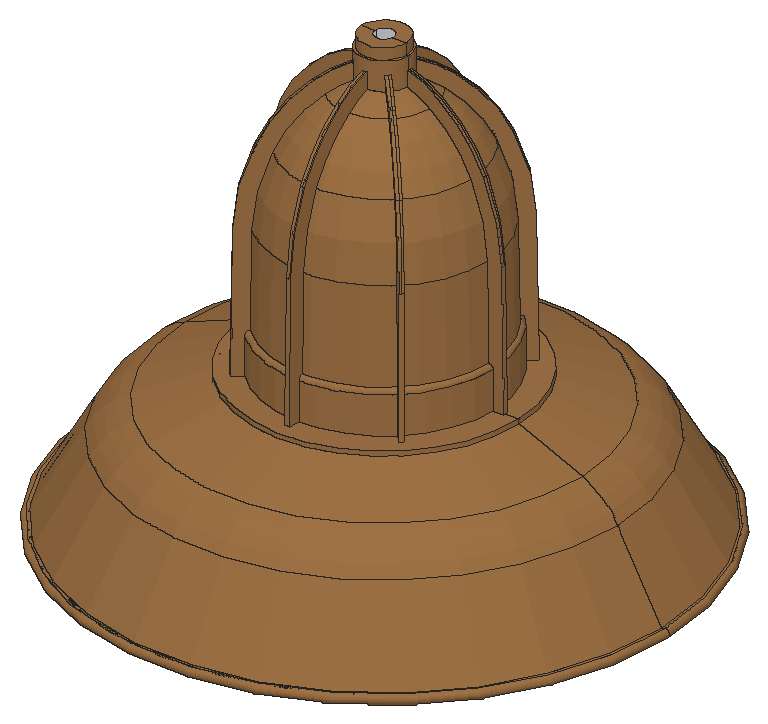
Revit family "URW16 SHADE", category Lighting Fixtures, Revit 2024
Family settings
  Round Connector Dimension = Use Diameter
  Part Type = Normal
  OmniClass Number = 23.80.70.00
  OmniClass Title = Lighting
  Work Plane-Based = No
  Always vertical = Yes
  Cut with Voids When Loaded = No
  Light Source = Yes
  Maintain Annotation Orientation = No
  Shared = No
  Room Calculation Point = No
Parameters
  Wattage = 12.1178 W
  built-in parameter 1150110 = 1 (stored number, unit not read)
  built-in parameter 1114217 = 1 (stored number, unit not read)
  built-in parameter 1150109 = 1 (stored number, unit not read)
  built-in parameter 1150134 = (empty or 0)
  built-in parameter 1150113 = 1 (stored number, unit not read)
  Lumens = 1800 lm
  built-in parameter 1150115 = 1 (stored number, unit not read)
  built-in parameter 1150105 = 572.96 (stored number, unit not read)
  Light Source Symbol Size = 2' - 0"
  built-in parameter 1150137 = (empty or 0)
  built-in parameter 1150139 = (empty or 0)
  built-in parameter 1150112 = 1 (stored number, unit not read)
  built-in parameter 1150114 = 1 (stored number, unit not read)
  built-in parameter 1150132 = 2
  built-in parameter 1150102 = (empty or 0)
  built-in parameter 1150138 = (empty or 0)
  built-in parameter 1150107 = 3000 (stored number, unit not read)
  built-in parameter 1150106 = 5.7296 (stored number, unit not read)
  built-in parameter 1150104 = 13.8 (stored number, unit not read)
  Dimming Lamp Color Temperature Shift = (empty or 0)
  Default Elevation = 0' - 0"
  Color Filter = 16777215
  built-in parameter 1114218 = 1 (stored number, unit not read)
  built-in parameter 1150133 = 10 (stored number, unit not read)
Reference planes (in)
  plane 1 "Light Source Axis (F/B)": y = 0
  plane 2: z = 0
  plane 3 "Light Source Axis (L/R)": x = 0
  plane 4 "Light Source Elevation": z = 54
Forms (in)
  Revolve 1, solid
    sketch origin (0, 0, 0) x (1, 0, 0) y (0, 0, 1)
      loop
        arc (-7.875, 54.25) -> (-7.95402, 54.02814) -> (-7.75255, 54.1501) r 0.125
        line (-7.75255, 54.1501) -> (-6.49637, 56.3411)
        arc (-6.49637, 56.3411) -> (-6.08661, 56.83738) -> (-5.53506, 57.16901) r 1.90625
        line (-5.53506, 57.16901) -> (-3.68625, 57.8898) -> (-3.68625, 57.98512) -> (-3.01237, 57.98512) -> (-3.01237, 59.11107)
        arc (-3.01237, 59.11107) -> (-3.00322, 59.13317) -> (-2.98112, 59.14232) r 0.03125
        line (-2.98112, 59.14232) -> (-2.88878, 59.14232) -> (-2.84897, 61.76167)
        arc (-2.84897, 61.76167) -> (-2.72267, 62.72425) -> (-2.4014, 63.64038) r 4.70236
        arc (-2.4014, 63.64038) -> (-1.92917, 64.38929) -> (-1.27567, 64.98663) r 3.3173
        arc (-1.27567, 64.98663) -> (-0.99538, 65.16184) -> (-0.6925, 65.29425) r 2.25765
        line (-0.6925, 65.29425) -> (-0.6925, 65.18987) -> (-0.25, 65.18987) -> (-0.25, 66.45387) -> (-0.628, 66.45387) -> (-0.628, 66.15387) -> (-0.6925, 66.15387) -> (-0.6925, 65.3934)
        arc (-0.6925, 65.3934) -> (-1.02399, 65.25267) -> (-1.3301, 65.06298) r 2.3514
        arc (-1.3301, 65.06298) -> (-2.00129, 64.4492) -> (-2.48643, 63.67987) r 3.41105
        arc (-2.48643, 63.67987) -> (-2.814, 62.74544) -> (-2.9427, 61.76365) r 4.79611
        line (-2.9427, 61.76365) -> (-2.98112, 59.23607)
        arc (-2.98112, 59.23607) -> (-3.06951, 59.19946) -> (-3.10612, 59.11107) r 0.125
        line (-3.10612, 59.11107) -> (-3.10612, 58.07887) -> (-3.78, 58.07887) -> (-3.78, 57.95387) -> (-5.56911, 57.25636)
        arc (-5.56911, 57.25636) -> (-6.14779, 56.90841) -> (-6.5777, 56.38773) r 2
        line (-6.5777, 56.38773) -> (-7.80333, 54.25) -> (-7.875, 54.25)
      axis (0, 66.45387) -> (0, 54.1501)
    angle from 0 to 360
  Sweep 2, solid
    path origin (0, 0, 0) x (1, 0, 0) y (0, 0, 1)
      loop
        arc (-0.6925, 65.81855) -> (-1.14802, 65.64495) -> (-1.56586, 65.39385) r 2.75765
        arc (-1.56586, 65.39385) -> (-2.31377, 64.70881) -> (-2.85488, 63.85099) r 3.8173
        arc (-2.85488, 63.85099) -> (-3.21015, 62.83554) -> (-3.34892, 61.76871) r 5.20148
        line (-3.34892, 61.76871) -> (-3.405, 58.07887)
    profile origin (-1.14802, 0, 65.64495) x (0.437317, 0, -0.899307) y (0, -1, 0)
      loop
        line (0, 0) -> (0, -0.0625) -> (0.42, -0.0625) -> (0.42, 0.0625) -> (0, 0.0625) -> (0, 0)
  Sweep 3, solid
    path origin (0, 0, 0) x (0.707107, -0.707107, 0) y (0, 0, 1)
      loop
        arc (-0.6925, 65.81855) -> (-1.14802, 65.64495) -> (-1.56586, 65.39385) r 2.75765
        arc (-1.56586, 65.39385) -> (-2.31377, 64.70881) -> (-2.85488, 63.85099) r 3.8173
        arc (-2.85488, 63.85099) -> (-3.21015, 62.83554) -> (-3.34892, 61.76871) r 5.20148
        line (-3.34892, 61.76871) -> (-3.405, 58.07887)
    profile origin (-0.81177, 0.81177, 65.64495) x (0.30923, -0.30923, -0.899307) y (-0.707107, -0.707107, 0)
      loop
        line (0, 0) -> (0, -0.0625) -> (0.42, -0.0625) -> (0.42, 0.0625) -> (0, 0.0625) -> (0, 0)
  Sweep 4, solid
    path origin (0, 0, 0) x (0.707107, 0.707107, 0) y (0, 0, 1)
      loop
        arc (-0.6925, 65.81855) -> (-1.14802, 65.64495) -> (-1.56586, 65.39385) r 2.75765
        arc (-1.56586, 65.39385) -> (-2.31377, 64.70881) -> (-2.85488, 63.85099) r 3.8173
        arc (-2.85488, 63.85099) -> (-3.21015, 62.83554) -> (-3.34892, 61.76871) r 5.20148
        line (-3.34892, 61.76871) -> (-3.405, 58.07887)
    profile origin (-0.81177, -0.81177, 65.64495) x (0.30923, 0.30923, -0.899307) y (0.707107, -0.707107, 0)
      loop
        line (0, 0) -> (0, -0.0625) -> (0.42, -0.0625) -> (0.42, 0.0625) -> (0, 0.0625) -> (0, 0)
  Sweep 5, solid
    path origin (0, 0, 0) x (0, 1, 0) y (0, 0, 1)
      loop
        arc (-0.6925, 65.81855) -> (-1.14802, 65.64495) -> (-1.56586, 65.39385) r 2.75765
        arc (-1.56586, 65.39385) -> (-2.31377, 64.70881) -> (-2.85488, 63.85099) r 3.8173
        arc (-2.85488, 63.85099) -> (-3.21015, 62.83554) -> (-3.34892, 61.76871) r 5.20148
        line (-3.34892, 61.76871) -> (-3.405, 58.07887)
    profile origin (0, -1.14802, 65.64495) x (0, 0.437317, -0.899307) y (1, 0, 0)
      loop
        line (0, 0) -> (0, -0.0625) -> (0.42, -0.0625) -> (0.42, 0.0625) -> (0, 0.0625) -> (0, 0)
  Sweep 6, solid
    path origin (0, 0, 0) x (-0.707107, 0.707107, 0) y (0, 0, 1)
      loop
        arc (-0.6925, 65.81855) -> (-1.14802, 65.64495) -> (-1.56586, 65.39385) r 2.75765
        arc (-1.56586, 65.39385) -> (-2.31377, 64.70881) -> (-2.85488, 63.85099) r 3.8173
        arc (-2.85488, 63.85099) -> (-3.21015, 62.83554) -> (-3.34892, 61.76871) r 5.20148
        line (-3.34892, 61.76871) -> (-3.405, 58.07887)
    profile origin (0.81177, -0.81177, 65.64495) x (-0.30923, 0.30923, -0.899307) y (0.707107, 0.707107, 0)
      loop
        line (0, 0) -> (0, -0.0625) -> (0.42, -0.0625) -> (0.42, 0.0625) -> (0, 0.0625) -> (0, 0)
  Sweep 7, solid
    path origin (0, 0, 0) x (-1, 0, 0) y (0, 0, 1)
      loop
        arc (-0.6925, 65.81855) -> (-1.14802, 65.64495) -> (-1.56586, 65.39385) r 2.75765
        arc (-1.56586, 65.39385) -> (-2.31377, 64.70881) -> (-2.85488, 63.85099) r 3.8173
        arc (-2.85488, 63.85099) -> (-3.21015, 62.83554) -> (-3.34892, 61.76871) r 5.20148
        line (-3.34892, 61.76871) -> (-3.405, 58.07887)
    profile origin (1.14802, 0, 65.64495) x (-0.437317, 0, -0.899307) y (0, 1, 0)
      loop
        line (0, 0) -> (0, -0.0625) -> (0.42, -0.0625) -> (0.42, 0.0625) -> (0, 0.0625) -> (0, 0)
  Sweep 8, solid
    path origin (0, 0, 0) x (-0.707107, -0.707107, 0) y (0, 0, 1)
      loop
        arc (-0.6925, 65.81855) -> (-1.14802, 65.64495) -> (-1.56586, 65.39385) r 2.75765
        arc (-1.56586, 65.39385) -> (-2.31377, 64.70881) -> (-2.85488, 63.85099) r 3.8173
        arc (-2.85488, 63.85099) -> (-3.21015, 62.83554) -> (-3.34892, 61.76871) r 5.20148
        line (-3.34892, 61.76871) -> (-3.405, 58.07887)
    profile origin (0.81177, 0.81177, 65.64495) x (-0.30923, -0.30923, -0.899307) y (-0.707107, 0.707107, 0)
      loop
        line (0, 0) -> (0, -0.0625) -> (0.42, -0.0625) -> (0.42, 0.0625) -> (0, 0.0625) -> (0, 0)
  Sweep 9, solid
    path origin (0, 0, 0) x (0, -1, 0) y (0, 0, 1)
      loop
        arc (-0.6925, 65.81855) -> (-1.14802, 65.64495) -> (-1.56586, 65.39385) r 2.75765
        arc (-1.56586, 65.39385) -> (-2.31377, 64.70881) -> (-2.85488, 63.85099) r 3.8173
        arc (-2.85488, 63.85099) -> (-3.21015, 62.83554) -> (-3.34892, 61.76871) r 5.20148
        line (-3.34892, 61.76871) -> (-3.405, 58.07887)
    profile origin (0, 1.14802, 65.64495) x (0, -0.437317, -0.899307) y (-1, 0, 0)
      loop
        line (0, 0) -> (0, -0.0625) -> (0.42, -0.0625) -> (0.42, 0.0625) -> (0, 0.0625) -> (0, 0)
Dimensions and locks (in)
  aligned and locked: plane 3 "Light Source Axis (L/R)" to imposter light
  aligned and locked: plane 1 "Light Source Axis (F/B)" to imposter light
  aligned and locked: plane 4 "Light Source Elevation" to imposter light
  aligned and locked: level to plane 2
